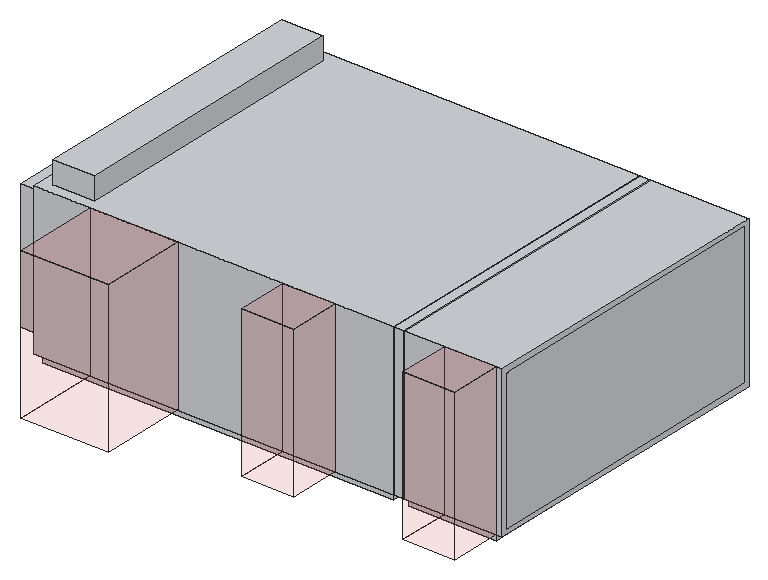
Revit family "Metric WinTADS Template 5", category Mechanical Equipment, Revit 2017
Family settings
  Round Connector Dimension = Use Diameter
  Part Type = Normal
  OmniClass Number = 23.75.00.00
  OmniClass Title = Climate Control (HVAC)
  Work Plane-Based = No
  Always vertical = Yes
  Cut with Voids When Loaded = No
  Shared = No
  Room Calculation Point = No
Parameters
  Mass = 1733.28 kg
Reference planes
  plane 1 "Center (Front/Back)": y = 0
  plane 2: z = 0
  plane 3 "Center (Left/Right)": x = 0
Forms (mm)
  Extrusion 1, solid
    sketch origin (0, 0, 0) x (1, 0, 0) y (0, 1, 0)
      loop
        line (-200, 2718) -> (-200, 100) -> (0, 100) -> (0, 2718) -> (-200, 2718)
    from 100 to 1278
  Extrusion 2, solid
    sketch origin (0, 0, 0) x (1, 0, 0) y (0, 1, 0)
      loop
        line (100, 2718) -> (100, 100) -> (478, 100) -> (478, 2718) -> (100, 2718)
    from 1378 to 1578
  Extrusion 3, solid
    sketch origin (0, 0, 0) x (1, 0, 0) y (0, 1, 0)
      loop
        line (4293.543, 2769) -> (4293.543, 49) -> (4294.457, 49) -> (4294.457, 2769) -> (4293.543, 2769)
    from 49 to 1329
  Extrusion 4, solid
    sketch origin (0, 0, 0) x (1, 0, 0) y (0, 1, 0)
      loop
        line (0, 2818) -> (0, 0) -> (3298, 0) -> (3298, 2818) -> (0, 2818)
    from 0 to 1378
  Extrusion 5, solid
    sketch origin (0, 0, 0) x (1, 0, 0) y (0, 1, 0)
      loop
        line (3298, 2818) -> (3298, 0) -> (3396, 0) -> (3396, 2818) -> (3298, 2818)
    from 0 to 1378
  Extrusion 6, solid
    sketch origin (0, 0, 0) x (1, 0, 0) y (0, 1, 0)
      loop
        line (3396, 2818) -> (3396, 0) -> (4294, 0) -> (4294, 2818) -> (3396, 2818)
    from 0 to 1378
  Extrusion 7, solid
    sketch origin (0, 0, 0) x (1, 0, 0) y (0, 1, 0)
      loop
        line (69, 75.5) -> (69, 26.5) -> (3278, 26.5) -> (3278, 75.5) -> (69, 75.5)
    from -62 to 0
  Extrusion 8, solid
    sketch origin (0, 0, 0) x (1, 0, 0) y (0, 1, 0)
      loop
        line (69, 2791.5) -> (69, 2742.5) -> (3278, 2742.5) -> (3278, 2791.5) -> (69, 2791.5)
    from -62 to 0
  Extrusion 9, solid
    sketch origin (0, 0, 0) x (1, 0, 0) y (0, 1, 0)
      loop
        line (69, 2742.5) -> (69, 75.5) -> (118, 75.5) -> (118, 2742.5) -> (69, 2742.5)
    from -62 to 0
  Extrusion 10, solid
    sketch origin (0, 0, 0) x (1, 0, 0) y (0, 1, 0)
      loop
        line (3229, 2742.5) -> (3229, 75.5) -> (3278, 75.5) -> (3278, 2742.5) -> (3229, 2742.5)
    from -62 to 0
  Extrusion 11, solid
    sketch origin (0, 0, 0) x (1, 0, 0) y (0, 1, 0)
      loop
        line (3416, 75.5) -> (3416, 26.5) -> (4225, 26.5) -> (4225, 75.5) -> (3416, 75.5)
    from -62 to 0
  Extrusion 12, solid
    sketch origin (0, 0, 0) x (1, 0, 0) y (0, 1, 0)
      loop
        line (3416, 2791.5) -> (3416, 2742.5) -> (4225, 2742.5) -> (4225, 2791.5) -> (3416, 2791.5)
    from -62 to 0
  Extrusion 13, solid
    sketch origin (0, 0, 0) x (1, 0, 0) y (0, 1, 0)
      loop
        line (3416, 2742.5) -> (3416, 75.5) -> (3465, 75.5) -> (3465, 2742.5) -> (3416, 2742.5)
    from -62 to 0
  Extrusion 14, solid
    sketch origin (0, 0, 0) x (1, 0, 0) y (0, 1, 0)
      loop
        line (4176, 2742.5) -> (4176, 75.5) -> (4225, 75.5) -> (4225, 2742.5) -> (4176, 2742.5)
    from -62 to 0
  Extrusion 15, solid, material "Clearance Zones"
    sketch origin (0, 0, 0) x (1, 0, 0) y (0, 1, 0)
      loop
        line (529, 0) -> (529, -800) -> (1329, -800) -> (1329, 0) -> (529, 0)
    from 0 to 1378
  Extrusion 16, solid, material "Clearance Zones"
    sketch origin (0, 0, 0) x (1, 0, 0) y (0, 1, 0)
      loop
        line (2289, 0) -> (2289, -480) -> (2769, -480) -> (2769, 0) -> (2289, 0)
    from 0 to 1378
  Extrusion 17, solid, material "Clearance Zones"
    sketch origin (0, 0, 0) x (1, 0, 0) y (0, 1, 0)
      loop
        line (3765, 0) -> (3765, -480) -> (4245, -480) -> (4245, 0) -> (3765, 0)
    from 0 to 1378
Dimensions and locks
  aligned and locked: level to plane 2
Connectors
  hvac at (289, 1409, 1578)
    settings: on Extrusion 2, index 6, duct flow 6944.44 L/s, flow factor 0, pres drop 31.0412 Pa, loss coef 0, conn angle 0.00°, conn width 378 mm, conn height 2618 mm, conn diameter 609.6 mm, duct sys type 1, conn prof type 1, flow config 0, flow direction 1, loss method 4, conn ref index -1, conn util no, is conn primary yes, conn desc ""
  hvac at (4294.457, 1409, 689)
    settings: on Extrusion 3, index 31, duct flow 6944.44 L/s, flow factor 0, pres drop 2.0 Pa, loss coef 0, conn angle 0.00°, conn width 2720 mm, conn height 1280 mm, conn diameter 609.6 mm, duct sys type 1, conn prof type 1, flow config 0, flow direction 2, loss method 4, conn ref index -1, conn util no, is conn primary no, conn desc ""
  hvac at (-200, 1409, 689)
    settings: on Extrusion 1, index 35, duct flow 6944.44 L/s, flow factor 0, pres drop 3.31965 Pa, loss coef 0, conn angle 0.00°, conn width 2618 mm, conn height 1178 mm, conn diameter 609.6 mm, duct sys type 1, conn prof type 1, flow config 0, flow direction 1, loss method 4, conn ref index -1, conn util no, is conn primary no, conn desc ""
